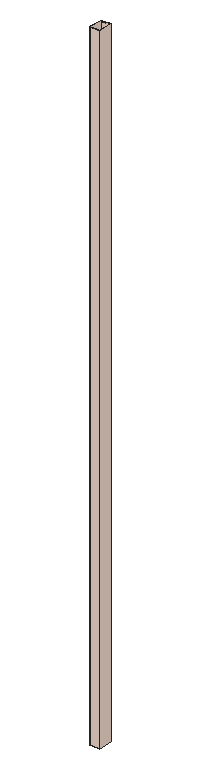
Revit family "sq4565", category 機械設備, Revit 2022
Family settings
  丸型コネクタ寸法 = 直径を使用
  種別 = なし
  パーツ タイプ = 標準
  作業面ベース = いいえ
  常に垂直 = はい
  ロード時にボイドで切り取り = いいえ
  注釈の向きを維持 = いいえ
  共有 = いいえ
  部屋計算ポイント = いいえ
Parameters
  製造元 = "株式会社桐井製作所"
  既定の高さ = 0 mm
  URL = "https://www.kirii.co.jp/"
  K_長さ(mm) [instance] = 3000 mm
  K_材質 = "SGCC　一般用"
  K_断面積A(mm2) = 102.5
  K_断面係数Zy(mm3) = 1560
  K_断面係数Zx(mm3) = 1830
  K_断面2次半径iy(mm) = 19.1
  K_断面2次半径ix(mm) = 24.1
  K_断面2次モーメントIy(mm4) = 37280
  K_断面2次モーメントIx(mm4) = 59490
  K_外形寸法(mm) = "□45×65"
  K_品名 = "SQ-BAR4565"
  K_名称 = "角型スタッド"
  K_単位質量(kg/m) = 0.833
  K_ヤング係数E(N/mm2) = 205000
  K_バージョン情報 = "20210524"
  K_めっき付着量 = "Z08"
  K_JIS規格 = "JIS G 3302"
Reference planes
  plane 1 "中心(正面/背面)": y = 0
  plane 2: z = 0
  plane 3 "中心(左/右)": x = 0
  plane 4: x = 22.5
  plane 5: x = -22.5
  plane 6: y = 32.5
  plane 7: z = 3000
  plane 8: y = -32.5
Forms (mm)
  Extrusion 1, solid
    sketch origin (0.5, -20, 0) x (1, 0, 0) y (0, 1, 0)
      loop
        line (-23, 52.5) -> (-23, -12.5) -> (22, -12.5) -> (22, 52.5) -> (-23, 52.5)
      loop
        line (-22.5, 52) -> (-22.5, -12) -> (21.5, -12) -> (21.5, 52) -> (-22.5, 52)
    from 0 to 3000
Dimensions and locks
  locked: Extrusion 1 sketch curve to Extrusion 1 sketch curve at 0.5  (x4)
  "K_長さ(mm)": plane 7 to level
  aligned and locked: level to plane 2
  aligned and locked: Extrusion 1 sketch curve to plane 6
  aligned and locked: plane 7 to Extrusion 1
  aligned and locked: plane 6 to Extrusion 1
  aligned and locked: Extrusion 1 to plane 8
  aligned and locked: Extrusion 1 to plane 5
  aligned and locked: plane 4 to Extrusion 1
Automatic sketch dimensions
  Extrusion 1 sketch curve to plane 4 = 0.5 mm
  plane 5 to Extrusion 1 sketch curve = 0.5 mm
  plane 1 "中心(正面/背面)" to Extrusion 1 sketch curve = 32 mm
